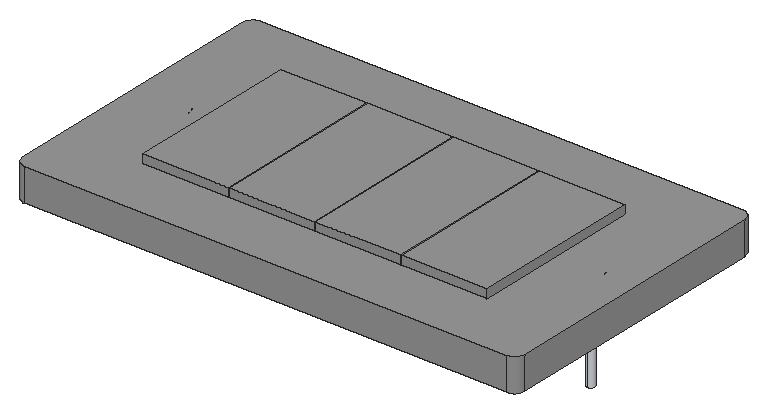
Revit family "ElectricalFixture_WiringAccessories_Hager_Sollysta_PartMEuroAccomodationPlates", category Electrical Fixtures, host Face, Revit 2015
Parameters (values of type "WMP4EUG")
  Warranty ID = ""
  Voltage (Volts) = "230V/240V"
  Unique Reference = "WMP4EUG"
  Type = "ElectricalFixture"
  Technical Description = Description  # "EuroStyleAccomodationPlate4ModuleGrey"
  SwitchHeight = 50.0 mm
  Switch Width = 100.0 mm
  Switch = yes
  Supply Phase = "1"
  Size = ""
  Shipping Weight kg = "0.188"
  Shape = "Rectangular"
  Reference Standard = "BS 1363-2"
  Product URL = "http://www.hager.co.uk/product-catalogue/wiring-accessories/sollysta/white-moulded/white-moulded-euro-accomodation-plates-modules/58361.htm"
  Product Range = "Sollysta"
  Product Model Number = "WMP4EUG"
  Product Literature = "http://www.hager.co.uk/product-catalogue/wiring-accessories/sollysta/38662.htm"
  Product Group = "WiringAccessories"
  Product Family = "WhiteMouldedEuroAccomodationPlates&Modules"
  Packaging Recyclable = yes
  Overall Width = 0.0 mm
  Overall Length = 146.0 mm
  Overall Height = 86.0 mm
  Overall Depth = 26.07 mm
  Operation and Maintenance Manual = ""
  Name = "WhiteMouldedEuroAccomodationPlates&Modules_WMP4EU"
  Module4 [instance] = Switch : Switch
  Module3 [instance] = Switch : Switch
  Module2 [instance] = Switch : Switch
  Module1 [instance] = Switch : Switch
  Measurement Units = "mm"
  Material = Hager_GreyPartM
  Manufacturer Website = "http://www.hager.co.uk/"
  Manufacturer Country = "United Kingdom"
  Manufacturer = "Hager"
  LED Indicator Switch = no
  Gross Weight kg = "0.165"
  Frequency = "50/60Hz"
  Finish = "GreyPartM"
  Features = Description  # "EuroStyleAccomodationPlate4ModuleGrey"
  Extrusion From Wall = 11.921 mm
  Expected Life = "25 years"
  EAN Code = "5015652261612"
  Design Country = "China"
  Description = "EuroStyleAccomodationPlate4ModuleGrey"
  Default Elevation = 1219.2 mm
  Colour = "GreyPartM"
  CE Approval = yes
  4Gang = yes
  2Gang = yes
  1Gang = no
Types (3, lengths in mm): name | Unique Reference | Technical Description | SwitchHeight | Switch Width | Product Model Number | Overall Length | Name | Module4 | Module3 | Module2 | Module1 | Features | EAN Code | Description | 4Gang | 2Gang | 1Gang
  WMP1EUG | "WMP1EUG" | "EuroStyleAccomodationPlate1ModuleGrey" | 50.0 | 100.0 | "WMP4EU" | 86.0 | "WhiteMouldedEuroAccomodationPlates&Modules_WMP1EUG" | ElectricalFixture_WiringAccessories_Hager_Sollysta_EuroModulesWhite : WMMRJ45 | ElectricalFixture_WiringAccessories_Hager_Sollysta_EuroModulesWhite : WMMRJ45 | ElectricalFixture_WiringAccessories_Hager_Sollysta_EuroModulesWhite : WMMRJ11 | ElectricalFixture_WiringAccessories_Hager_Sollysta_EuroModulesWhite : WMMBTM | "EuroStyleAccomodationPlate1ModuleGrey" | "5015652261612" | "EuroStyleAccomodationPlate1ModuleGrey" | no | no | yes
  WMP2EUG | "WMP2EU" | "EuroStyleAccomodationPlate2ModuleGrey" | 52.561 | 50.0 | "WMP2EU" | 86.0 | "WhiteMouldedEuroAccomodationPlates&Modules_WMP2EU" | Switch : Switch | Switch : Switch | Switch : Switch | Switch : Switch | "EuroStyleAccomodationPlate2ModuleGrey" | "5015652261605" | "EuroStyleAccomodationPlate2ModuleGrey" | no | yes | no
  WMP4EUG | "WMP4EUG" | "EuroStyleAccomodationPlate4ModuleGrey" | 50.0 | 100.0 | "WMP4EUG" | 146.0 | "WhiteMouldedEuroAccomodationPlates&Modules_WMP4EU" | Switch : Switch | Switch : Switch | Switch : Switch | Switch : Switch | "EuroStyleAccomodationPlate4ModuleGrey" | "5015652261612" | "EuroStyleAccomodationPlate4ModuleGrey" | yes | yes | no
Reference planes
  plane 1 "Center (Front/Back)": y = 0
  plane 2: z = 0
  plane 3 "Center (Left/Right)": x = -11.5
  plane 4: y = -43
  plane 5: y = 43
  plane 6: x = -84.5
  plane 7: x = 61.5
  plane 8: z = 9.47
  plane 9: z = -16.6
  plane 10: z = 11.921
  plane 11: y = -471.393
  plane 12: z = -20.53
  plane 13: x = -71.65
  plane 14: x = 48.65
  plane 15: x = -61.5
  plane 16: x = 38.5
  plane 17: y = -25
  plane 18: y = 25
Forms (mm)
  Extrusion 1, solid, material "Steel, Chrome Plated", detail levels fine
    sketch origin (0, 0, 0) x (1, 0, 0) y (0, 1, 0)
      loop
        circle (-71.65, 0) r 3.542
    from -1.167 to 9.196
  Extrusion 2, solid, material "Steel, Chrome Plated", detail levels fine
    sketch origin (0, 0, 0) x (-1, 0, 0) y (0, -1, 0)
      loop
        circle (-48.65, 0) r 3.542
    from -1.167 to 9.196
  Extrusion 3, solid, material "Hager_GreyPartM" <- "Material", detail levels medium
    sketch origin (0, 0, 0) x (1, 0, 0) y (0, 1, 0)
      loop
        line (-84.5, 43) -> (-84.5, -43) -> (61.5, -43) -> (61.5, 43) -> (-84.5, 43)
    from 0 to 9.47
  Extrusion 4, solid
    sketch origin (-184.307, 0, -1.167) x (0, 1, 0) y (-1, 0, 0)
      loop
        circle (0, -112.657) r 1.2
    from 0 to 19.363
  Extrusion 5, solid
    sketch origin (0, 0, -1.167) x (0, -1, 0) y (1, 0, 0)
      loop
        circle (0, 48.65) r 1.2
    from 0 to 19.363
  Extrusion 6, solid, material "Hager_GreyPartM" <- "Material", detail levels medium
    sketch origin (0, 0, 0) x (1, 0, 0) y (0, 1, 0)
      loop
        line (-84.5, -43) -> (61.5, -43) -> (61.5, 43) -> (-84.5, 43) -> (-84.5, -43)
    from 0 to 9.47
  Extrusion 7, solid, material "Hager_GreyPartM" <- "Material", detail levels fine
    sketch origin (0, 0, 0) x (1, 0, 0) y (0, 1, 0)
      loop
        arc (-81.235, 43) -> (-83.544, 42.044) -> (-84.5, 39.735) r 3.265
        line (-84.5, 39.735) -> (-84.5, -39.765)
        arc (-84.5, -39.765) -> (-83.553, -42.053) -> (-81.265, -43) r 3.235
        line (-81.265, -43) -> (58.509, -43)
        arc (58.509, -43) -> (60.624, -42.124) -> (61.5, -40.009) r 2.991
        line (61.5, -40.009) -> (61.5, 39.751)
        arc (61.5, 39.751) -> (60.548, 42.048) -> (58.251, 43) r 3.249
        line (58.251, 43) -> (-81.235, 43)
    from 0 to 9.47
Lines and regions (mm)
  model lines, detail levels coarse
    curve 1: line (-84.5, 43, 0) -> (61.5, 43, 0)
    curve 2: line (-84.5, -43, 0) -> (-84.5, 43, 0)
    curve 3: line (61.5, -43, 0) -> (-84.5, -43, 0)
    curve 4: line (61.5, 43, 0) -> (61.5, -43, 0)
    curve 5: arc (-67.608, 0, 0) -> (-71.65, -4.042, 0) -> (-75.692, 0, 0) r 4.042
    curve 6: arc (-75.692, 0, 0) -> (-71.65, 4.042, 0) -> (-67.608, 0, 0) r 4.042
    curve 7: arc (52.692, 0, 0) -> (48.65, -4.042, 0) -> (44.608, 0, 0) r 4.042
    curve 8: arc (44.608, 0, 0) -> (48.65, 4.042, 0) -> (52.692, 0, 0) r 4.042
  model lines
    curve 9: line (35.719, -25, 0) -> (-58.806, -25, 0)
Dimensions and locks
  plane 10 to plane 9 = 28.521 mm
  plane 8 to plane 9 = 26.07 mm
  plane 2 to plane 9 = 16.6 mm
  "Overall Length": plane 6 to plane 7
  "Overall Height": plane 4 to plane 5
  "Overall Depth": plane 9 to plane 8
  plane 2 to plane 10 = 11.921 mm
  plane 8 to plane 12 = 30.0 mm
  locked: plane 14 to plane 7 at 12.85
  locked: plane 6 to plane 13 at 12.85
  equal spacing: plane 6, plane 3 "Center (Left/Right)", plane 7
  equal spacing: plane 15, plane 3 "Center (Left/Right)", plane 16
  "Switch Width": plane 15 to plane 16
  equal spacing: plane 18, plane 1 "Center (Front/Back)", plane 17
  "SwitchHeight": plane 18 to plane 17
  plane 15 to plane 3 "Center (Left/Right)" to plane 16 = 50.0 mm, 50.0 mm
  aligned and locked: plane 2 to host face
  aligned and locked: level to host face
  aligned and locked: Extrusion 3 to plane 8
  aligned and locked: Extrusion 2 to Extrusion 4
  aligned and locked: Extrusion 5 to Extrusion 1
  aligned and locked: plane 12 to Extrusion 5
  aligned and locked: Extrusion 6 to plane 8
  aligned and locked: Extrusion 6 to level
  aligned and locked: plane 14 to Extrusion 5 sketch curve
  aligned and locked: plane 13 to Extrusion 4 sketch curve
  aligned and locked: plane 1 "Center (Front/Back)" to nested 1
  aligned and locked: curve 1 to Extrusion 7 sketch curve
  aligned and locked: curve 2 to Extrusion 7 sketch curve
  aligned and locked: curve 3 to Extrusion 7 sketch curve
  aligned and locked: curve 4 to Extrusion 7 sketch curve
Automatic sketch dimensions
  host sketch curve to host sketch curve = 2438.4 mm  (x2)
  Extrusion 1 sketch curve to Extrusion 1 sketch curve = 0.0 mm  (x2)
  plane 1 "Center (Front/Back)" to Extrusion 1 sketch curve = 0.0 mm
  Extrusion 1 sketch curve to plane 13 = 0.0 mm
  Extrusion 1 sketch curve to plane 13 = 3.542 mm
  Extrusion 2 sketch curve to Extrusion 2 sketch curve = 0.0 mm  (x2)
  plane 1 "Center (Front/Back)" to Extrusion 2 sketch curve = 0.0 mm
  plane 14 to Extrusion 2 sketch curve = 0.0 mm
  Extrusion 2 sketch curve to plane 14 = 3.542 mm
  plane 4 to Extrusion 3 sketch curve = 0.0 mm
  Extrusion 3 sketch curve to plane 6 = 0.0 mm
  Extrusion 3 sketch curve to plane 7 = 0.0 mm
  plane 5 to Extrusion 3 sketch curve = 0.0 mm
  plane 5 to Extrusion 6 sketch curve = 0.0 mm
  Extrusion 6 sketch curve to plane 6 = 0.0 mm
  Extrusion 6 sketch curve to plane 7 = 0.0 mm
  plane 4 to Extrusion 6 sketch curve = 0.0 mm
  curve 5 to curve 6 = 0.0 mm  (x2)
  curve 7 to curve 8 = 0.0 mm  (x2)
  plane 4 to curve 3 = 0.0 mm
  curve 3 to plane 6 = 0.0 mm
  plane 1 "Center (Front/Back)" to curve 5 = 0.0 mm
  curve 6 to plane 13 = 0.0 mm
  plane 1 "Center (Front/Back)" to curve 7 = 0.0 mm
  curve 8 to plane 14 = 0.0 mm
  curve 3 to plane 7 = 0.0 mm
  plane 5 to curve 2 = 0.0 mm
  curve 5 to plane 13 = 4.042 mm
  curve 7 to curve 7 = 4.042 mm
  curve 9 to plane 17 = 0.0 mm
  curve 9 to plane 16 = 2.781 mm
  plane 15 to curve 9 = 2.694 mm
  Extrusion 7 sketch curve to plane 4 = 3.235 mm
  plane 6 to Extrusion 7 sketch curve = 3.265 mm
  Extrusion 7 sketch curve to plane 7 = 3.249 mm
  Extrusion 7 sketch curve to plane 7 = 2.991 mm
  radius of Extrusion 4 sketch curve = 1.2 mm
  radius of Extrusion 5 sketch curve = 1.2 mm
Nested families
  nested 1: "ElectricalFixture_WiringAccessories_Hager_Sollysta_EuroModulesWhite" at (-37.5, 0, 0), visible <- "4Gang", type "WMMBTM", detail levels fine
  nested 2: "ElectricalFixture_WiringAccessories_Hager_Sollysta_EuroModulesWhite" at (-12.5, 0, 0), visible <- "2Gang", type "WMMBTM", detail levels fine
  nested 3: "ElectricalFixture_WiringAccessories_Hager_Sollysta_EuroModulesWhite" at (12.5, 0, 0), visible <- "2Gang", type "WMMBTM", detail levels fine
  nested 4: "ElectricalFixture_WiringAccessories_Hager_Sollysta_EuroModulesWhite" at (37.5, 0, 0), visible <- "4Gang", type "WMMBTM", detail levels fine
  nested 5: "ElectricalFixture_WiringAccessories_Hager_Sollysta_EuroModulesWhite" at (0, 0, 0), visible <- "1Gang", type "WMMBTM", detail levels fine
Connectors
  electrical at (-11.5, 0, 0)
    settings: on Extrusion 3, index 1, voltage 230 V, apparent load 0 VA, apparent load phase1 0 VA, apparent load phase2 0 VA, apparent load phase3 0 VA, power factor 1, load classification "Other", number of poles 1, system type 31, power factor state 1, is connector primary yes, connector utility no, sub classification motor no, connector description ""
Definition of nested family "ElectricalFixture_WiringAccessories_Hager_Sollysta_EuroModulesWhite"
  Parameters (values of type "WMMPIR10X")
    Warranty ID = ""
    Voltage (Volts) = "230V/240V"
    Unique Reference = "WMMPIR10X"
    Type = "ElectricalFixture"
    Technical Description = Description  # "PIR10mDetectionEuromoduleWhite"
    SwitchHeight = 50.0 mm
    Switch Width = 100.0 mm
    Switch = yes
    Supply Phase = "1"
    Size = ""
    Shipping Weight kg = "0.188"
    Shape = "Rectangular"
    Reference Standard = "BS 1363-2"
    Product URL = "http://www.hager.co.uk/product-catalogue/wiring-accessories/sollysta/white-moulded/white-moulded-euro-accomodation-plates-modules/58361.htm"
    Product Range = "Sollysta"
    Product Model Number = Unique Reference  # "WMMPIR10X"
    Product Literature = "http://www.hager.co.uk/product-catalogue/wiring-accessories/sollysta/38662.htm"
    Product Group = "WiringAccessories"
    Product Family = "WhiteMouldedEuroAccomodationPlates&Modules"
    Packaging Recyclable = yes
    Overall Width = 25.0 mm
    Overall Length = 146.0 mm
    Overall Height = 50.0 mm
    Overall Depth = 11.9 mm
    Operation and Maintenance Manual = ""
    Name = "WhiteMouldedEuroAccomodationPlates&Modules_WMMPIR10X"
    Measurement Units = "mm"
    Material = none
    Manufacturer Website = "http://www.hager.co.uk/"
    Manufacturer Country = "United Kingdom"
    Manufacturer = "Hager"
    LED Indicator Switch = no
    Gross Weight kg = "0.165"
    Frequency = "50/60Hz"
    Finish = "Gloss"
    Features = Description  # "PIR10mDetectionEuromoduleWhite"
    Extrusion From Wall = 11.921 mm
    Expected Life = "25 years"
    EAN Code = "5015652261612"
    Design Country = "China"
    Description = "PIR10mDetectionEuromoduleWhite"
    Default Elevation = 1219.2 mm
    Colour = "SollystaWhite"
    CE Approval = yes
  Types (16, lengths in mm): name | Unique Reference | Technical Description | Product Model Number | Name | Features | Description
    WMMBTM | "WMMBTM" | "BTTelephoneMasterEuromoduleWhite" | "WMMBTM" | "WhiteMouldedEuroAccomodationPlates&Modules_WMMBTM" | "BTTelephoneMasterEuromoduleWhite" | "BTTelephoneMasterEuromoduleWhite"
    WMMBTS | "WMMBTS" | "BTTelephoneSecondaryEuromoduleWhite" | "WMMBTS" | "WhiteMouldedEuroAccomodationPlates&Modules_WMMBTS" | "BTTelephoneSecondaryEuromoduleWhite" | "BTTelephoneSecondaryEuromoduleWhite"
    WMMRJ11 | "WMMRJ11" | "RJ11ModernEuromoduleWhite" | "WMMRJ11" | "WhiteMouldedEuroAccomodationPlates&Modules_WMMRJ11" | "RJ11ModernEuromoduleWhite" | "RJ11ModernEuromoduleWhite"
    WMMRJ45 | "WMMRJ45" | "RJ45CAT6UTPEuromoduleWhite" | "WMMRJ45" | "WhiteMouldedEuroAccomodationPlates&Modules_WMMRJ45" | "RJ45CAT6UTPEuromoduleWhite" | "RJ45CAT6UTPEuromoduleWhite"
    WMMPP | "WMMPP" | "PhonoPlugsRed/BlackEuromodule" | "WMMPP" | "WhiteMouldedEuroAccomodationPlates&Modules_WMMPP" | "PhonoPlugsRed/BlackEuromodule" | "PhonoPlugsRed/BlackEuromodule"
    WMMSP | "WMMSP" | "SpeakerTerminalPostsEuromoduleWhite" | "WMMSP" | "WhiteMouldedEuroAccomodationPlates&Modules_WMMSP" | "SpeakerTerminalPostsEuromoduleWhite" | "SpeakerTerminalPostsEuromoduleWhite"
    WMMTVF | "WMMTVF" | "SingleIECFemaleEuromoduleWhite" | "WMMTVF" | "WhiteMouldedEuroAccomodationPlates&Modules_WMMTVF" | "SingleIECFemaleEuromoduleWhite" | "SingleIECFemaleEuromoduleWhite"
    WMMTVM | "WMMTVM" | "SingleIECMaleEuromoduleWhite" | "WMMTVM" | "WhiteMouldedEuroAccomodationPlates&Modules_WMMTVM" | "SingleIECMaleEuromoduleWhite" | "SingleIECMaleEuromoduleWhite"
    WMMSAT | "WMMSAT" | "SingleSatelliteFConnectorEuromoduleWhite" | "WMMSAT" | "WhiteMouldedEuroAccomodationPlates&Modules_WMMSAT" | "SingleSatelliteFConnectorEuromoduleWhite" | "SingleSatelliteFConnectorEuromoduleWhite"
    WMMB | "WMMB" | "SingleBlankEuromoduleWhite" | "WMMB" | "WhiteMouldedEuroAccomodationPlates&Modules_WMMB" | "SingleBlankEuromoduleWhite" | "SingleBlankEuromoduleWhite"
    WMMHDMI | "WMMHDMI" | "HDMIOutletWhite" | "WMMHDMI" | "WhiteMouldedEuroAccomodationPlates&Modules_WMMHDMI" | "HDMIOutletWhite" | "HDMIOutletWhite"
    WMMUSB | "WMMUSB" | "USBEuromoduleWhite" | "WMMUSB" | "WhiteMouldedEuroAccomodationPlates&Modules_WMMUSB" | "USBEuromoduleWhite" | "USBEuromoduleWhite"
    WMMTX | "WMMTX" | "Triplexer,TV,SAT&FMEuromoduleWhite" | "WMMTX" | "WhiteMouldedEuroAccomodationPlates&Modules_WMMTX" | "Triplexer,TV,SAT&FMEuromoduleWhite" | "Triplexer,TV,SAT&FMEuromoduleWhite"
    WMMQX | "WMMQX" | "Quadplexer,TV/SAT/FM/RTRNEuromoduleWhite" | "WMMQX" | "WhiteMouldedEuroAccomodationPlates&Modules_WMMQX" | "Quadplexer,TV/SAT/FM/RTRNEuromoduleWhite" | "Quadplexer,TV/SAT/FM/RTRNEuromoduleWhite"
    WMMPIR05X | "WMMPIR05X" | "PIR5mDetectionEuromoduleWhite" | "WMMPIR05X" | "WhiteMouldedEuroAccomodationPlates&Modules_WMMPIR05X" | "PIR5mDetectionEuromoduleWhite" | "PIR5mDetectionEuromoduleWhite"
    WMMPIR10X | "WMMPIR10X" | "PIR10mDetectionEuromoduleWhite" | "WMMPIR10X" | "WhiteMouldedEuroAccomodationPlates&Modules_WMMPIR10X" | "PIR10mDetectionEuromoduleWhite" | "PIR10mDetectionEuromoduleWhite"
  Reference planes
    plane 1 "Center (Front/Back)": y = 0
    plane 2: z = 0
    plane 3 "Center (Left/Right)": x = -11.5
    plane 4: y = -25
    plane 5: y = 25
    plane 6: x = -24
    plane 7: x = 1
    plane 8: z = 11.9
  Forms (mm)
    Extrusion 1, solid
      sketch origin (0, 0, 0) x (1, 0, 0) y (0, 1, 0)
        loop
          line (-1219.2, 1219.2) -> (-1219.2, -1219.2) -> (1219.2, -1219.2) -> (1219.2, 1219.2) -> (-1219.2, 1219.2)
      from 0 to -304.8
    Extrusion 2, solid
      sketch origin (0, 0, 0) x (1, 0, 0) y (0, 1, 0)
        loop
          line (-24, -25) -> (1, -25) -> (1, 25) -> (-24, 25) -> (-24, -25)
      from 0 to 11.9
  Lines and regions (mm)
    symbolic lines, not visible, detail levels coarse
      curve 1: line (73.42, -504.912, 19.451) -> (3.42, -504.912, 19.451)
      curve 2: arc (73.42, -504.912, 19.451) -> (38.42, -504.912, 54.451) -> (3.42, -504.912, 19.451) r 35
      curve 3: circle (38.42, -504.912, 54.451) r 6 normal (0, 1, 0)
      curve 4: line (38.42, -504.912, 54.451) -> (38.42, -504.912, 99.451)
      curve 5: line (38.42, -504.912, 99.451) -> (68.42, -504.912, 99.451)
      curve 6: line (38.42, -504.912, 54.451) -> (10.78, -504.912, 87.391)
      curve 7: line (10.78, -504.912, 87.391) -> (-3.315, -504.912, 75.564)
      curve 8: line (0.509, -504.912, 19.451) -> (-69.491, -504.912, 19.451)
      curve 9: arc (0.509, -504.912, 19.451) -> (-34.491, -504.912, 54.451) -> (-69.491, -504.912, 19.451) r 35
      curve 10: circle (-34.491, -504.912, 54.451) r 6 normal (0, 1, 0)
      curve 11: line (-34.491, -504.912, 54.451) -> (-34.491, -504.912, 99.451)
      curve 12: line (-34.491, -504.912, 99.451) -> (-4.491, -504.912, 99.451)
      curve 13: line (-34.491, -504.912, 54.451) -> (-62.13, -504.912, 87.391)
      curve 14: line (-62.13, -504.912, 87.391) -> (-76.226, -504.912, 75.564)
  Dimensions and locks
    equal spacing: plane 6, plane 3 "Center (Left/Right)", plane 7
    "Overall Width": plane 6 to plane 7
    equal spacing: plane 4, plane 1 "Center (Front/Back)", plane 5
    "Overall Height": plane 4 to plane 5
    "Overall Depth": plane 8 to plane 2
    aligned and locked: plane 2 to Extrusion 1
    aligned and locked: level to Extrusion 1
    aligned and locked: plane 4 to Extrusion 2 sketch curve
    aligned and locked: Extrusion 2 sketch curve to plane 6
    aligned and locked: Extrusion 2 sketch curve to plane 5
    aligned and locked: plane 7 to Extrusion 2 sketch curve
    aligned and locked: Extrusion 2 to plane 8
  Automatic sketch dimensions
    Extrusion 1 sketch curve to Extrusion 1 sketch curve = 2438.4 mm  (x2)
